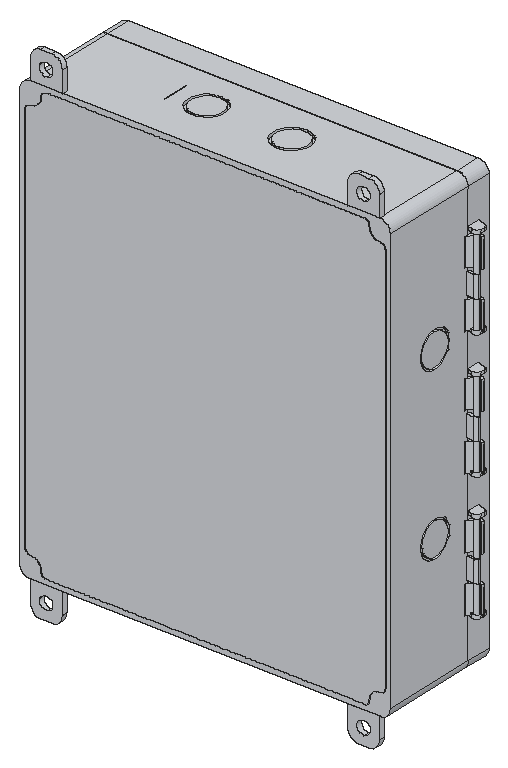
Revit family "Gas-Detectors_GSE-Generation-2-Standalone_Brasch", category Generic Models, Revit 2023
Family settings
  Can host rebar = No
  Round Connector Dimension = Use Diameter
  Part Type = Normal
  Work Plane-Based = No
  Always vertical = Yes
  Cut with Voids When Loaded = No
  Maintain Annotation Orientation = No
  Shared = No
  Room Calculation Point = No
Parameters (values of type "GSE2-ND, Nitrogen Dioxide Detector")
  WIDTH = 8.72"
  URL = "https://braschenvtech.com/"
  Specification = "https://www.arcat.com/company/brasch-environmental-technologies-52580/spec"
  Product Page URL = "https://www.arcat.com/company/brasch-environmental-technologies-52580"
  Material = Gray
  Manufacturer = "Brasch Environmental Technologies"  # constant formula
  Keynote = "28 42 15"
  Input Voltage = "24 VAC, 120 VAC"
  HEIGHT = 10.50"
  Default Elevation = 0.00"
  DEPTH = 2.90"
  Copyright = "@ARCAT"  # constant formula
  CAD Details = "https://www.arcat.com/company/brasch-environmental-technologies-52580/cad"
Types (5): name
  GSE2-CM, Carbon Monoxide Detector
  GSE2-ND, Nitrogen Dioxide Detector
  GSE2-OX, Oxygen Detector
  GSE2-NCM, Combination Detector, Nitrogen Dioxide and Carbon Monoxide
  GSE2, without any internal sensors
Reference planes (in)
  plane 1 "Center (Front/Back)": y = 0
  plane 2: z = 0
  plane 3 "Center (Left/Right)": x = 0
  plane 4: z = 0.3775
  plane 5: z = 0.4375
  plane 6: z = 0.4975
Forms (in)
  Extrusion 1, solid
    sketch origin (-4.37285, 0, 10.44843) x (0, 0, 1) y (-1, 0, 0)
      loop
        line (0.05157, -8.195) -> (0.05157, 0.025)
        arc (0.05157, 0.025) -> (-0.02165, 0.20178) -> (-0.19843, 0.275) r 0.25
        line (-0.19843, 0.275) -> (-10.19843, 0.275)
        arc (-10.19843, 0.275) -> (-10.37521, 0.20178) -> (-10.44843, 0.025) r 0.25
        line (-10.44843, 0.025) -> (-10.44843, -8.195)
        arc (-10.44843, -8.195) -> (-10.37521, -8.37178) -> (-10.19843, -8.445) r 0.25
        line (-10.19843, -8.445) -> (-0.19843, -8.445)
        arc (-0.19843, -8.445) -> (-0.02165, -8.37178) -> (0.05157, -8.195) r 0.25
      loop
        arc (-0.06843, -0.34997) -> (-0.10549, -0.26133) -> (-0.19462, -0.22546) r 0.12452
        arc (-0.19462, -0.22546) -> (-0.37407, -0.15113) -> (-0.44841, 0.02833) r 0.25379
        arc (-0.44841, 0.02833) -> (-0.48442, 0.1178) -> (-0.5734, 0.155) r 0.125
        line (-0.5734, 0.155) -> (-9.82346, 0.155)
        arc (-9.82346, 0.155) -> (-9.91244, 0.1178) -> (-9.94845, 0.02833) r 0.125
        arc (-9.94845, 0.02833) -> (-10.02279, -0.15113) -> (-10.20225, -0.22546) r 0.25379
        arc (-10.20225, -0.22546) -> (-10.29137, -0.26133) -> (-10.32843, -0.34997) r 0.12452
        line (-10.32843, -0.34997) -> (-10.32843, -7.82003)
        arc (-10.32843, -7.82003) -> (-10.29137, -7.90867) -> (-10.20225, -7.94454) r 0.12452
        arc (-10.20225, -7.94454) -> (-10.02279, -8.01887) -> (-9.94845, -8.19833) r 0.25379
        arc (-9.94845, -8.19833) -> (-9.91244, -8.2878) -> (-9.82346, -8.325) r 0.125
        line (-9.82346, -8.325) -> (-0.5734, -8.325)
        arc (-0.5734, -8.325) -> (-0.48442, -8.2878) -> (-0.44841, -8.19833) r 0.125
        arc (-0.44841, -8.19833) -> (-0.37407, -8.01887) -> (-0.19462, -7.94454) r 0.25379
        arc (-0.19462, -7.94454) -> (-0.10549, -7.90867) -> (-0.06843, -7.82003) r 0.12452
        line (-0.06843, -7.82003) -> (-0.06843, -0.34997)
    from 0 to -2.331
  Extrusion 2, solid
    sketch origin (0, 0, 0) x (1, 0, 0) y (0, 1, 0)
      loop
        line (4.1498, 2.38521) -> (4.07215, 2.276) -> (4.07215, 2.148)
        arc (4.07215, 2.148) -> (4.07469, 2.16427) -> (4.08205, 2.179) r 0.0535
        line (4.08205, 2.179) -> (4.20394, 2.35045)
        arc (4.20394, 2.35045) -> (4.25204, 2.37527) -> (4.30014, 2.35045) r 0.05902
        line (4.30014, 2.35045) -> (4.33643, 2.35045)
        arc (4.33643, 2.35045) -> (4.35667, 2.35809) -> (4.35724, 2.37971) r 0.01939
        arc (4.35724, 2.37971) -> (4.25498, 2.43774) -> (4.1498, 2.38521) r 0.125
    from 8.58333 to 9.25
  Extrusion 3, solid
    sketch origin (0, 0, -1.33333) x (1, 0, 0) y (0, 1, 0)
      loop
        line (4.1498, 2.38521) -> (4.07215, 2.276) -> (4.07215, 2.148)
        arc (4.07215, 2.148) -> (4.07469, 2.16427) -> (4.08205, 2.179) r 0.0535
        line (4.08205, 2.179) -> (4.20394, 2.35045)
        arc (4.20394, 2.35045) -> (4.25204, 2.37527) -> (4.30014, 2.35045) r 0.05902
        line (4.30014, 2.35045) -> (4.33643, 2.35045)
        arc (4.33643, 2.35045) -> (4.35667, 2.35809) -> (4.35724, 2.37971) r 0.01939
        arc (4.35724, 2.37971) -> (4.25498, 2.43774) -> (4.1498, 2.38521) r 0.125
    from 8.58333 to 9.25
  Extrusion 4, solid
    sketch origin (0, 0, -3) x (1, 0, 0) y (0, 1, 0)
      loop
        line (4.1498, 2.38521) -> (4.07215, 2.276) -> (4.07215, 2.148)
        arc (4.07215, 2.148) -> (4.07469, 2.16427) -> (4.08205, 2.179) r 0.0535
        line (4.08205, 2.179) -> (4.20394, 2.35045)
        arc (4.20394, 2.35045) -> (4.25204, 2.37527) -> (4.30014, 2.35045) r 0.05902
        line (4.30014, 2.35045) -> (4.33643, 2.35045)
        arc (4.33643, 2.35045) -> (4.35667, 2.35809) -> (4.35724, 2.37971) r 0.01939
        arc (4.35724, 2.37971) -> (4.25498, 2.43774) -> (4.1498, 2.38521) r 0.125
    from 8.58333 to 9.25
  Extrusion 5, solid
    sketch origin (0, 0, -4.33333) x (1, 0, 0) y (0, 1, 0)
      loop
        line (4.1498, 2.38521) -> (4.07215, 2.276) -> (4.07215, 2.148)
        arc (4.07215, 2.148) -> (4.07469, 2.16427) -> (4.08205, 2.179) r 0.0535
        line (4.08205, 2.179) -> (4.20394, 2.35045)
        arc (4.20394, 2.35045) -> (4.25204, 2.37527) -> (4.30014, 2.35045) r 0.05902
        line (4.30014, 2.35045) -> (4.33643, 2.35045)
        arc (4.33643, 2.35045) -> (4.35667, 2.35809) -> (4.35724, 2.37971) r 0.01939
        arc (4.35724, 2.37971) -> (4.25498, 2.43774) -> (4.1498, 2.38521) r 0.125
    from 8.58333 to 9.25
  Extrusion 6, solid
    sketch origin (0, 0, -6) x (1, 0, 0) y (0, 1, 0)
      loop
        line (4.1498, 2.38521) -> (4.07215, 2.276) -> (4.07215, 2.148)
        arc (4.07215, 2.148) -> (4.07469, 2.16427) -> (4.08205, 2.179) r 0.0535
        line (4.08205, 2.179) -> (4.20394, 2.35045)
        arc (4.20394, 2.35045) -> (4.25204, 2.37527) -> (4.30014, 2.35045) r 0.05902
        line (4.30014, 2.35045) -> (4.33643, 2.35045)
        arc (4.33643, 2.35045) -> (4.35667, 2.35809) -> (4.35724, 2.37971) r 0.01939
        arc (4.35724, 2.37971) -> (4.25498, 2.43774) -> (4.1498, 2.38521) r 0.125
    from 8.58333 to 9.25
  Extrusion 7, solid
    sketch origin (0, 0, -7.33333) x (1, 0, 0) y (0, 1, 0)
      loop
        line (4.1498, 2.38521) -> (4.07215, 2.276) -> (4.07215, 2.148)
        arc (4.07215, 2.148) -> (4.07469, 2.16427) -> (4.08205, 2.179) r 0.0535
        line (4.08205, 2.179) -> (4.20394, 2.35045)
        arc (4.20394, 2.35045) -> (4.25204, 2.37527) -> (4.30014, 2.35045) r 0.05902
        line (4.30014, 2.35045) -> (4.33643, 2.35045)
        arc (4.33643, 2.35045) -> (4.35667, 2.35809) -> (4.35724, 2.37971) r 0.01939
        arc (4.35724, 2.37971) -> (4.25498, 2.43774) -> (4.1498, 2.38521) r 0.125
    from 8.58333 to 9.25
  Extrusion 8, solid
    sketch origin (0, 0, 0) x (1, 0, 0) y (0, 1, 0)
      loop
        line (4.07215, 2.211) -> (4.27015, 2.211)
        arc (4.27015, 2.211) -> (4.31106, 2.21894) -> (4.34602, 2.24159) r 0.10938
        arc (4.34602, 2.24159) -> (4.3507, 2.26348) -> (4.33215, 2.276) r 0.02
        line (4.33215, 2.276) -> (4.30015, 2.276)
        arc (4.30015, 2.276) -> (4.25165, 2.25147) -> (4.20315, 2.276) r 0.0602
        line (4.20315, 2.276) -> (4.07215, 2.276) -> (4.07215, 2.211)
    from 7.99997 to 8.50003
  Extrusion 9, solid
    sketch origin (0, 0, -3) x (1, 0, 0) y (0, 1, 0)
      loop
        line (4.07215, 2.211) -> (4.27015, 2.211)
        arc (4.27015, 2.211) -> (4.31106, 2.21894) -> (4.34602, 2.24159) r 0.10938
        arc (4.34602, 2.24159) -> (4.3507, 2.26348) -> (4.33215, 2.276) r 0.02
        line (4.33215, 2.276) -> (4.30015, 2.276)
        arc (4.30015, 2.276) -> (4.25165, 2.25147) -> (4.20315, 2.276) r 0.0602
        line (4.20315, 2.276) -> (4.07215, 2.276) -> (4.07215, 2.211)
    from 7.99997 to 8.50003
  Extrusion 10, solid
    sketch origin (0, 0, -6) x (1, 0, 0) y (0, 1, 0)
      loop
        line (4.07215, 2.211) -> (4.27015, 2.211)
        arc (4.27015, 2.211) -> (4.31106, 2.21894) -> (4.34602, 2.24159) r 0.10938
        arc (4.34602, 2.24159) -> (4.3507, 2.26348) -> (4.33215, 2.276) r 0.02
        line (4.33215, 2.276) -> (4.30015, 2.276)
        arc (4.30015, 2.276) -> (4.25165, 2.25147) -> (4.20315, 2.276) r 0.0602
        line (4.20315, 2.276) -> (4.07215, 2.276) -> (4.07215, 2.211)
    from 7.99997 to 8.50003
  Extrusion 11, solid
    sketch origin (-4.1404, 0.12, 0.33138) x (0, 0, -1) y (-1, 0, 0)
      loop
        circle (-9.57553, -6.20256) r 0.14
      loop
        circle (-9.57553, -6.20256) r 0.05482
      loop
        circle (-9.57244, -1.5026) r 0.14
      loop
        circle (-9.57244, -1.5026) r 0.05482
      loop
        circle (-4.87594, -1.50149) r 0.14
      loop
        circle (-4.87594, -1.50149) r 0.05482
      loop
        circle (-4.87612, -6.20255) r 0.14
      loop
        circle (-4.87612, -6.20255) r 0.05482
    from 0 to 2.278
  Extrusion 12, solid
    sketch origin (-2.8954, 0.12, -3.98112) x (0, 0, -1) y (-1, 0, 0)
      loop
        circle (-4.87612, -6.20255) r 0.14
      loop
        circle (-4.87612, -6.20255) r 0.06853
      loop
        circle (-4.87612, -5.58255) r 0.14
      loop
        circle (-4.87612, -5.58255) r 0.06853
      loop
        circle (-4.87612, -2.91755) r 0.14
      loop
        circle (-4.87612, -2.91755) r 0.06853
      loop
        circle (-4.87612, -2.29755) r 0.14
      loop
        circle (-4.87612, -2.29755) r 0.06853
      loop
        circle (-4.87612, 0.98731) r 0.14
      loop
        circle (-4.87612, 0.98731) r 0.06853
      loop
        circle (-12.14112, 0.98745) r 0.14
      loop
        circle (-12.14112, 0.98745) r 0.06853
      loop
        circle (-12.14112, -6.20255) r 0.14
      loop
        circle (-12.14112, -6.20255) r 0.06853
      loop
        circle (-13.34612, -4.25005) r 0.14
      loop
        circle (-13.34612, -4.25005) r 0.06853
      loop
        circle (-13.34612, -0.96505) r 0.14
      loop
        circle (-13.34612, -0.96505) r 0.06853
      loop
        circle (-11.03862, -2.60755) r 0.14
      loop
        circle (-11.03862, -2.60755) r 0.06853
      loop
        circle (-9.48612, -0.96505) r 0.14
      loop
        circle (-9.48612, -0.96505) r 0.06853
      loop
        circle (-9.48612, -4.25005) r 0.14
      loop
        circle (-9.48612, -4.25005) r 0.06853
      loop
        circle (-9.88824, -6.211) r 0.14
      loop
        circle (-9.88824, -6.211) r 0.06853
      loop
        circle (-8.73612, -6.20255) r 0.14
      loop
        circle (-8.73612, -6.20255) r 0.06853
      loop
        circle (-8.73612, -5.58255) r 0.14
      loop
        circle (-8.73612, -5.58255) r 0.06853
      loop
        circle (-8.73612, -2.91755) r 0.14
      loop
        circle (-8.73612, -2.91755) r 0.06853
      loop
        circle (-8.73612, -2.29755) r 0.14
      loop
        circle (-8.73612, -2.29755) r 0.06853
      loop
        circle (-8.73612, 0.98745) r 0.14
      loop
        circle (-8.73612, 0.98745) r 0.06853
      loop
        circle (-9.93612, 0.98745) r 0.14
      loop
        circle (-9.93612, 0.98745) r 0.06853
    from 0 to 0.4
  Extrusion 13, solid
    sketch origin (-2.7504, 0.12, -4.27612) x (0, 0, -1) y (-1, 0, 0)
      loop
        circle (-4.87612, -6.20255) r 0.14
      loop
        circle (-4.87612, -6.20255) r 0.06853
      loop
        circle (-4.87612, 1.27745) r 0.14
      loop
        circle (-4.87612, 1.27745) r 0.06853
      loop
        circle (-14.17612, 1.27745) r 0.14
      loop
        circle (-14.17612, 1.27745) r 0.06853
      loop
        circle (-14.17612, -6.20255) r 0.14
      loop
        circle (-14.17612, -6.20255) r 0.06853
      loop
        circle (-9.52612, -2.46255) r 0.14
      loop
        circle (-9.52612, -2.46255) r 0.06853
    from 0 to 0.2
  Extrusion 14, solid
    sketch origin (1.94394, 0.7353, 5.1325) x (0, 1, 0) y (-1, 0, 0)
      loop
        line (-0.6153, 0.44574) -> (-0.6153, 0.00939) -> (-0.01296, 0.00939) -> (-0.6153, 0.44574)
      loop
        line (0, 4.46357) -> (-0.6153, 4.46357) -> (-0.6153, 4.01783) -> (0, 4.46357)
    from 0 to 0.15
  Extrusion 15, solid
    sketch origin (1.94393, 0.7353, 9.8315) x (0, 1, 0) y (-1, 0, 0)
      loop
        line (-0.6153, 0.44574) -> (-0.6153, 0.00939) -> (-0.01296, 0.00939) -> (-0.6153, 0.44574)
      loop
        line (0, 4.46357) -> (-0.6153, 4.46357) -> (-0.6153, 4.01783) -> (0, 4.46357)
    from 0 to 0.15
  Extrusion 16, solid
    sketch origin (-2.56285, 0.7353, 5.32572) x (0, 0, -1) y (0, 1, 0)
      loop
        line (0, 0) -> (-0.44574, -0.6153) -> (0, -0.6153) -> (0, 0)
      loop
        line (-4.46357, -0.6153) -> (-4.01683, -0.6153) -> (-4.46357, 0.00138) -> (-4.46357, -0.6153)
    from 0 to -0.15
  Extrusion 17, solid
    sketch origin (2.13635, 0.7353, 5.32572) x (0, 0, -1) y (0, 1, 0)
      loop
        line (0, 0) -> (-0.44574, -0.6153) -> (0, -0.6153) -> (0, 0)
      loop
        line (-4.46357, -0.6153) -> (-4.01683, -0.6153) -> (-4.46357, 0.00138) -> (-4.46357, -0.6153)
    from 0 to -0.15
  Extrusion 18, solid
    sketch origin (-4.1404, 0.12, 0.33138) x (0, 0, -1) y (-1, 0, 0)
      loop
        line (-10.04862, -0.11752) -> (-10.04862, -7.58759)
        arc (-10.04862, -7.58759) -> (-10.01156, -7.67622) -> (-9.92244, -7.7121) r 0.12452
        arc (-9.92244, -7.7121) -> (-9.74298, -7.78643) -> (-9.66864, -7.96589) r 0.25379
        arc (-9.66864, -7.96589) -> (-9.63263, -8.05535) -> (-9.54366, -8.09256) r 0.125
        line (-9.54366, -8.09256) -> (-0.29359, -8.09256)
        arc (-0.29359, -8.09256) -> (-0.20461, -8.05535) -> (-0.1686, -7.96589) r 0.125
        arc (-0.1686, -7.96589) -> (-0.09427, -7.78643) -> (0.08519, -7.7121) r 0.25379
        arc (0.08519, -7.7121) -> (0.17432, -7.67622) -> (0.21138, -7.58759) r 0.12452
        line (0.21138, -7.58759) -> (0.21138, -0.11752)
        arc (0.21138, -0.11752) -> (0.17432, -0.02889) -> (0.08519, 0.00698) r 0.12452
        arc (0.08519, 0.00698) -> (-0.09427, 0.08132) -> (-0.1686, 0.26078) r 0.25379
        arc (-0.1686, 0.26078) -> (-0.20461, 0.35024) -> (-0.29359, 0.38744) r 0.125
        line (-0.29359, 0.38744) -> (-9.54366, 0.38744)
        arc (-9.54366, 0.38744) -> (-9.63263, 0.35024) -> (-9.66864, 0.26078) r 0.125
        arc (-9.66864, 0.26078) -> (-9.74298, 0.08132) -> (-9.92244, 0.00698) r 0.25379
        arc (-9.92244, 0.00698) -> (-10.01156, -0.02889) -> (-10.04862, -0.11752) r 0.12452
    from 0 to -0.12
  Extrusion 19, solid
    sketch origin (-4.1404, 0.12, 0.33138) x (0, 0, -1) y (-1, 0, 0)
      loop
        line (0.83138, 0.25744) -> (0.33138, 0.25744) -> (0.33138, -0.49256) -> (0.83138, -0.49256)
        arc (0.83138, -0.49256) -> (1.00815, -0.41933) -> (1.08138, -0.24256) r 0.25
        line (1.08138, -0.24256) -> (1.08138, 0.00744)
        arc (1.08138, 0.00744) -> (1.00815, 0.18422) -> (0.83138, 0.25744) r 0.25
      loop
        line (0.83138, -7.21256) -> (0.33138, -7.21256) -> (0.33138, -7.96256) -> (0.83138, -7.96256)
        arc (0.83138, -7.96256) -> (1.00815, -7.88933) -> (1.08138, -7.71256) r 0.25
        line (1.08138, -7.71256) -> (1.08138, -7.46256)
        arc (1.08138, -7.46256) -> (1.00815, -7.28578) -> (0.83138, -7.21256) r 0.25
      loop
        circle (0.70638, -0.11756) r 0.16
      loop
        circle (0.70638, -7.58756) r 0.16
      loop
        arc (-10.66862, 0.25744) -> (-10.8454, 0.18422) -> (-10.91862, 0.00744) r 0.25
        line (-10.91862, 0.00744) -> (-10.91862, -0.24256)
        arc (-10.91862, -0.24256) -> (-10.8454, -0.41933) -> (-10.66862, -0.49256) r 0.25
        line (-10.66862, -0.49256) -> (-10.16862, -0.49256) -> (-10.16862, 0.25744) -> (-10.66862, 0.25744)
      loop
        arc (-10.66862, -7.21256) -> (-10.8454, -7.28578) -> (-10.91862, -7.46256) r 0.25
        line (-10.91862, -7.46256) -> (-10.91862, -7.71256)
        arc (-10.91862, -7.71256) -> (-10.8454, -7.88933) -> (-10.66862, -7.96256) r 0.25
        line (-10.66862, -7.96256) -> (-10.16862, -7.96256) -> (-10.16862, -7.21256) -> (-10.66862, -7.21256)
      loop
        circle (-10.54362, -0.11756) r 0.16
      loop
        circle (-10.54362, -7.58756) r 0.16
    from 0 to -0.12
  Extrusion 20, void
    sketch origin (-4.64785, 0, 10.25) x (0, 0, 1) y (0, -1, 0)
      loop
        circle (-3, -1.3) r 0.4375
      loop
        circle (-3, -1.3) r 0.375
      loop
        circle (-7.00175, -1.30665) r 0.4375
      loop
        circle (-7.00175, -1.30665) r 0.375
    from 0 to 0.066
  Extrusion 21, void
    sketch origin (4.07215, 0, 10.25) x (0, 0, 1) y (0, 1, 0)
      loop
        circle (-3, 1.3) r 0.4375
      loop
        circle (-3, 1.3) r 0.375
      loop
        circle (-7.00175, 1.30665) r 0.4375
      loop
        circle (-7.00175, 1.30665) r 0.375
    from 0 to 0.066
  Extrusion 22, void
    sketch origin (3.82215, 0, 10.5) x (0, -1, 0) y (-1, 0, 0)
      loop
        circle (-1.3, 3.11) r 0.4375
      loop
        circle (-1.3, 3.11) r 0.375
      loop
        circle (-1.3, 5.11) r 0.4375
      loop
        circle (-1.3, 5.11) r 0.375
    from 0 to 0.066
  Extrusion 23, void
    sketch origin (3.82215, 0, 0) x (1, 0, 0) y (0, 1, 0)
      loop
        circle (-4.11, 1.3) r 0.4375
      loop
        circle (-4.11, 1.3) r 0.375
      loop
        circle (-6.11, 1.3) r 0.4375
      loop
        circle (-6.11, 1.3) r 0.375
      loop
        circle (-2.11, 1.3) r 0.4375
      loop
        circle (-2.11, 1.3) r 0.375
    from 0 to 0.066
  Extrusion 24, void
    sketch origin (-4.1404, 0.12, 0.33138) x (0, 0, 1) y (-1, 0, 0)
      loop
        circle (9.91862, -7.96256) r 0.095
      loop
        circle (9.91862, 0.25744) r 0.095
      loop
        circle (-0.08138, 0.25744) r 0.095
      loop
        circle (-0.08138, -7.96256) r 0.095
    from 0 to -2.211
  Extrusion 25, void
    sketch origin (-4.1404, 0.12, 0.33138) x (0, 0, 1) y (-1, 0, 0)
      loop
        arc (0.11752, -7.96526) -> (0.1677, -8.08884) -> (0.2908, -8.14017) r 0.17328
        line (0.2908, -8.14017) -> (9.53397, -8.14017)
        arc (9.53397, -8.14017) -> (9.65805, -8.08761) -> (9.70665, -7.96192) r 0.17276
        arc (9.70665, -7.96192) -> (9.76671, -7.81193) -> (9.91574, -7.74951) r 0.20912
        arc (9.91574, -7.74951) -> (10.05002, -7.70032) -> (10.10658, -7.56896) r 0.18083
        line (10.10658, -7.56896) -> (10.10658, -0.1171)
        arc (10.10658, -0.1171) -> (10.06269, 0.00019) -> (9.95259, 0.05987) r 0.17868
        arc (9.95259, 0.05987) -> (9.79087, 0.1073) -> (9.72085, 0.2606) r 0.2028
        arc (9.72085, 0.2606) -> (9.67059, 0.38594) -> (9.54602, 0.43809) r 0.17486
        line (9.54602, 0.43809) -> (0.29665, 0.43809)
        arc (0.29665, 0.43809) -> (0.17157, 0.3861) -> (0.12017, 0.26078) r 0.17649
        arc (0.12017, 0.26078) -> (0.06099, 0.11654) -> (-0.08244, 0.05543) r 0.20536
        arc (-0.08244, 0.05543) -> (-0.20825, 0.00618) -> (-0.26095, -0.11821) r 0.1741
        line (-0.26095, -0.11821) -> (-0.26095, -7.58775)
        arc (-0.26095, -7.58775) -> (-0.20934, -7.71155) -> (-0.08507, -7.76202) r 0.17428
        arc (-0.08507, -7.76202) -> (0.05822, -7.82177) -> (0.11752, -7.96526) r 0.20324
      loop
        line (-0.33138, 0.25744) -> (-0.33138, -7.96256)
        arc (-0.33138, -7.96256) -> (-0.25815, -8.13933) -> (-0.08138, -8.21256) r 0.25
        line (-0.08138, -8.21256) -> (9.91862, -8.21256)
        arc (9.91862, -8.21256) -> (10.0954, -8.13933) -> (10.16862, -7.96256) r 0.25
        line (10.16862, -7.96256) -> (10.16862, 0.25744)
        arc (10.16862, 0.25744) -> (10.0954, 0.43422) -> (9.91862, 0.50744) r 0.25
        line (9.91862, 0.50744) -> (-0.08138, 0.50744)
        arc (-0.08138, 0.50744) -> (-0.25815, 0.43422) -> (-0.33138, 0.25744) r 0.25
    from -2.156 to -2.211
Cuts and joins
  Extrusion 20, Extrusion 21, Extrusion 22, Extrusion 23, Extrusion 24, Extrusion 25 cuts Extrusion 1
  Extrusion 25 cuts Extrusion 19
Dimensions and locks (in)
  locked: plane 4 to level at 0.3775
  plane 6 to plane 5 to plane 4 = 0.06" locked, 0.06" locked
  aligned and locked: plane 2 to level
Nested families (in)
  nested 1: "GSE2 lid" at (-0.00781, 2.77818, 0), type "GSE2 lid"
Definition of nested family "GSE2 lid"
  Parameters (values of type "GSE2 lid")
    Default Elevation = 0.00"
  Reference planes (in)
    plane 1 "Center (Front/Back)": y = 0
    plane 2: z = 0
    plane 3 "Center (Left/Right)": x = 0
  Forms (in)
    Extrusion 1, solid
      sketch origin (-3.43, 0.11, 0.7) x (0, 0, -1) y (-1, 0, 0)
        loop
          line (0.7, -7.26) -> (0.7, 0.96)
          arc (0.7, 0.96) -> (0.62678, 1.13678) -> (0.45, 1.21) r 0.25
          line (0.45, 1.21) -> (-9.55, 1.21)
          arc (-9.55, 1.21) -> (-9.72678, 1.13678) -> (-9.8, 0.96) r 0.25
          line (-9.8, 0.96) -> (-9.8, -7.26)
          arc (-9.8, -7.26) -> (-9.72678, -7.43678) -> (-9.55, -7.51) r 0.25
          line (-9.55, -7.51) -> (0.45, -7.51)
          arc (0.45, -7.51) -> (0.62678, -7.43678) -> (0.7, -7.26) r 0.25
        loop
          arc (0.48, 0.58503) -> (0.19365, 0.70365) -> (0.07503, 0.99) r 0.40497
          line (0.07503, 0.99) -> (-9.17503, 0.99)
          arc (-9.17503, 0.99) -> (-9.29365, 0.70365) -> (-9.58, 0.58503) r 0.40497
          line (-9.58, 0.58503) -> (-9.58, -6.88503)
          arc (-9.58, -6.88503) -> (-9.29365, -7.00365) -> (-9.17503, -7.29) r 0.40497
          line (-9.17503, -7.29) -> (0.07503, -7.29)
          arc (0.07503, -7.29) -> (0.19365, -7.00365) -> (0.48, -6.88503) r 0.40497
          line (0.48, -6.88503) -> (0.48, 0.58503)
      from 0 to -0.61
    Extrusion 2, solid
      sketch origin (-3.43, 0.11, 0.7) x (0, 0, -1) y (-1, 0, 0)
        loop
          line (0.07503, 0.99) -> (-9.17503, 0.99)
          arc (-9.17503, 0.99) -> (-9.29365, 0.70365) -> (-9.58, 0.58503) r 0.40497
          line (-9.58, 0.58503) -> (-9.58, -6.88503)
          arc (-9.58, -6.88503) -> (-9.29365, -7.00365) -> (-9.17503, -7.29) r 0.40497
          line (-9.17503, -7.29) -> (0.07503, -7.29)
          arc (0.07503, -7.29) -> (0.19365, -7.00365) -> (0.48, -6.88503) r 0.40497
          line (0.48, -6.88503) -> (0.48, 0.58503)
          arc (0.48, 0.58503) -> (0.19365, 0.70365) -> (0.07503, 0.99) r 0.40497
        loop
          arc (-6.732, -2.1335) -> (-6.75045, -2.08895) -> (-6.795, -2.0705) r 0.063
          line (-6.795, -2.0705) -> (-7.519, -2.0705)
          arc (-7.519, -2.0705) -> (-7.56355, -2.08895) -> (-7.582, -2.1335) r 0.063
          line (-7.582, -2.1335) -> (-7.582, -4.1665)
          arc (-7.582, -4.1665) -> (-7.56355, -4.21105) -> (-7.519, -4.2295) r 0.063
          line (-7.519, -4.2295) -> (-6.795, -4.2295)
          arc (-6.795, -4.2295) -> (-6.75045, -4.21105) -> (-6.732, -4.1665) r 0.063
          line (-6.732, -4.1665) -> (-6.732, -2.1335)
        loop
          arc (-6.353, -6.193) -> (-6.29, -6.13) -> (-6.353, -6.067) r 0.063
          line (-6.353, -6.067) -> (-7.353, -6.067)
          arc (-7.353, -6.067) -> (-7.416, -6.13) -> (-7.353, -6.193) r 0.063
          line (-7.353, -6.193) -> (-6.353, -6.193)
        loop
          circle (-6.833, -4.65) r 0.125
        loop
          circle (-6.283, -4.13) r 0.125
        loop
          circle (-6.283, -3.48) r 0.125
        loop
          circle (-6.283, -2.82) r 0.125
        loop
          circle (-6.283, -2.17) r 0.125
        loop
          circle (-6.833, -1.65) r 0.125
        loop
          circle (-7.483, -1.65) r 0.125
        loop
          circle (-8.033, -2.17) r 0.125
        loop
          circle (-8.033, -4.13) r 0.125
        loop
          circle (-7.483, -4.65) r 0.125
      from 0 to -0.11
    Extrusion 3, void
      sketch origin (-3.43, 0.11, 0.7) x (0, 0, -1) y (-1, 0, 0)
        loop
          line (-9.17396, -7.345) -> (0.07503, -7.345)
          arc (0.07503, -7.345) -> (0.13236, -7.32126) -> (0.1561, -7.26393) r 0.08107
          arc (0.1561, -7.26393) -> (0.25319, -7.04324) -> (0.47998, -6.96138) r 0.30599
          arc (0.47998, -6.96138) -> (0.51645, -6.93752) -> (0.535, -6.8981) r 0.08
          line (0.535, -6.8981) -> (0.535, 0.5981)
          arc (0.535, 0.5981) -> (0.51645, 0.63752) -> (0.47998, 0.66138) r 0.08
          arc (0.47998, 0.66138) -> (0.25319, 0.74324) -> (0.1561, 0.96393) r 0.30599
          arc (0.1561, 0.96393) -> (0.13236, 1.02126) -> (0.07503, 1.045) r 0.08107
          line (0.07503, 1.045) -> (-9.17396, 1.045)
          arc (-9.17396, 1.045) -> (-9.23128, 1.02126) -> (-9.25503, 0.96393) r 0.08107
          arc (-9.25503, 0.96393) -> (-9.35212, 0.74324) -> (-9.57891, 0.66138) r 0.30599
          arc (-9.57891, 0.66138) -> (-9.61947, 0.6324) -> (-9.635, 0.58503) r 0.08
          line (-9.635, 0.58503) -> (-9.635, -6.88503)
          arc (-9.635, -6.88503) -> (-9.61947, -6.9324) -> (-9.57891, -6.96138) r 0.08
          arc (-9.57891, -6.96138) -> (-9.35212, -7.04324) -> (-9.25503, -7.26393) r 0.30599
          arc (-9.25503, -7.26393) -> (-9.23128, -7.32126) -> (-9.17396, -7.345) r 0.08107
        loop
          arc (0.07611, -7.445) -> (0.18268, -7.41006) -> (0.24788, -7.31879) r 0.18
          arc (0.24788, -7.31879) -> (0.31568, -7.1246) -> (0.50987, -7.05681) r 0.23668
          arc (0.50987, -7.05681) -> (0.60673, -6.98353) -> (0.635, -6.8654) r 0.18
          line (0.635, -6.8654) -> (0.635, 0.5654)
          arc (0.635, 0.5654) -> (0.60673, 0.68353) -> (0.50987, 0.75681) r 0.18
          arc (0.50987, 0.75681) -> (0.31568, 0.8246) -> (0.24788, 1.01879) r 0.23668
          arc (0.24788, 1.01879) -> (0.18268, 1.11006) -> (0.07611, 1.145) r 0.18
          line (0.07611, 1.145) -> (-9.17503, 1.145)
          arc (-9.17503, 1.145) -> (-9.28161, 1.11006) -> (-9.34681, 1.01879) r 0.18
          arc (-9.34681, 1.01879) -> (-9.4146, 0.8246) -> (-9.60879, 0.75681) r 0.23668
          arc (-9.60879, 0.75681) -> (-9.70006, 0.69161) -> (-9.735, 0.58503) r 0.18
          line (-9.735, 0.58503) -> (-9.735, -6.88503)
          arc (-9.735, -6.88503) -> (-9.70006, -6.99161) -> (-9.60879, -7.05681) r 0.18
          arc (-9.60879, -7.05681) -> (-9.4146, -7.1246) -> (-9.34681, -7.31879) r 0.23668
          arc (-9.34681, -7.31879) -> (-9.28161, -7.41006) -> (-9.17503, -7.445) r 0.18
          line (-9.17503, -7.445) -> (0.07611, -7.445)
      from -0.61 to -0.512
    Extrusion 4, void
      sketch origin (-3.43, 0.11, 0.7) x (0, 0, -1) y (-1, 0, 0)
        loop
          circle (0.45, -7.26) r 0.0705
        loop
          circle (0.45, 0.96) r 0.0705
        loop
          circle (-9.55, 0.96) r 0.0705
        loop
          circle (-9.55, -7.26) r 0.0705
      from -0.04 to -0.61
    Extrusion 5, solid
      sketch origin (4.225, -0.40438, 1.2375) x (1, 0, 0) y (0, 1, 0)
        loop
          line (0.08715, 0.11037) -> (-0.145, 0.20438) -> (-0.145, -0.09562) -> (-0.00253, -0.15331)
          arc (-0.00253, -0.15331) -> (0.09089, -0.14355) -> (0.135, -0.06062) r 0.1
          line (0.135, -0.06062) -> (0.135, 0.03938)
          arc (0.135, 0.03938) -> (0.12192, 0.08218) -> (0.08715, 0.11037) r 0.07659
      from 0 to 0.075
    Extrusion 6, solid
      sketch origin (4.225, -0.40438, 3.3475) x (1, 0, 0) y (0, 1, 0)
        loop
          line (0.08715, 0.11037) -> (-0.145, 0.20438) -> (-0.145, -0.09562) -> (-0.00253, -0.15331)
          arc (-0.00253, -0.15331) -> (0.09089, -0.14355) -> (0.135, -0.06062) r 0.1
          line (0.135, -0.06062) -> (0.135, 0.03938)
          arc (0.135, 0.03938) -> (0.12192, 0.08218) -> (0.08715, 0.11037) r 0.07659
      from 0.01 to 0.085
    Extrusion 7, solid
      sketch origin (4.225, -0.40438, 1.2375) x (1, 0, 0) y (0, 1, 0)
        loop
          circle (0.03503, -0.06062) r 0.06027
      from 0.075 to 2.12
    Extrusion 8, solid
      sketch origin (4.225, -0.40438, 4.2375) x (1, 0, 0) y (0, 1, 0)
        loop
          line (0.08715, 0.11037) -> (-0.145, 0.20438) -> (-0.145, -0.09562) -> (-0.00253, -0.15331)
          arc (-0.00253, -0.15331) -> (0.09089, -0.14355) -> (0.135, -0.06062) r 0.1
          line (0.135, -0.06062) -> (0.135, 0.03938)
          arc (0.135, 0.03938) -> (0.12192, 0.08218) -> (0.08715, 0.11037) r 0.07659
      from 0 to 0.075
    Extrusion 9, solid
      sketch origin (4.225, -0.40438, 6.3475) x (1, 0, 0) y (0, 1, 0)
        loop
          line (0.08715, 0.11037) -> (-0.145, 0.20438) -> (-0.145, -0.09562) -> (-0.00253, -0.15331)
          arc (-0.00253, -0.15331) -> (0.09089, -0.14355) -> (0.135, -0.06062) r 0.1
          line (0.135, -0.06062) -> (0.135, 0.03938)
          arc (0.135, 0.03938) -> (0.12192, 0.08218) -> (0.08715, 0.11037) r 0.07659
      from 0.01 to 0.085
    Extrusion 10, solid
      sketch origin (4.225, -0.40438, 4.2375) x (1, 0, 0) y (0, 1, 0)
        loop
          circle (0.03503, -0.06062) r 0.06027
      from 0.075 to 2.12
    Extrusion 11, solid
      sketch origin (4.225, -0.40438, 7.2375) x (1, 0, 0) y (0, 1, 0)
        loop
          line (0.08715, 0.11037) -> (-0.145, 0.20438) -> (-0.145, -0.09562) -> (-0.00253, -0.15331)
          arc (-0.00253, -0.15331) -> (0.09089, -0.14355) -> (0.135, -0.06062) r 0.1
          line (0.135, -0.06062) -> (0.135, 0.03938)
          arc (0.135, 0.03938) -> (0.12192, 0.08218) -> (0.08715, 0.11037) r 0.07659
      from 0 to 0.075
    Extrusion 12, solid
      sketch origin (4.225, -0.40438, 9.3475) x (1, 0, 0) y (0, 1, 0)
        loop
          line (0.08715, 0.11037) -> (-0.145, 0.20438) -> (-0.145, -0.09562) -> (-0.00253, -0.15331)
          arc (-0.00253, -0.15331) -> (0.09089, -0.14355) -> (0.135, -0.06062) r 0.1
          line (0.135, -0.06062) -> (0.135, 0.03938)
          arc (0.135, 0.03938) -> (0.12192, 0.08218) -> (0.08715, 0.11037) r 0.07659
      from 0.01 to 0.085
    Extrusion 13, solid
      sketch origin (4.225, -0.40438, 7.2375) x (1, 0, 0) y (0, 1, 0)
        loop
          circle (0.03503, -0.06062) r 0.06027
      from 0.075 to 2.12
  Cuts and joins
    Extrusion 3, Extrusion 4 cuts Extrusion 1
  Dimensions and locks (in)
    aligned and locked: plane 2 to level
